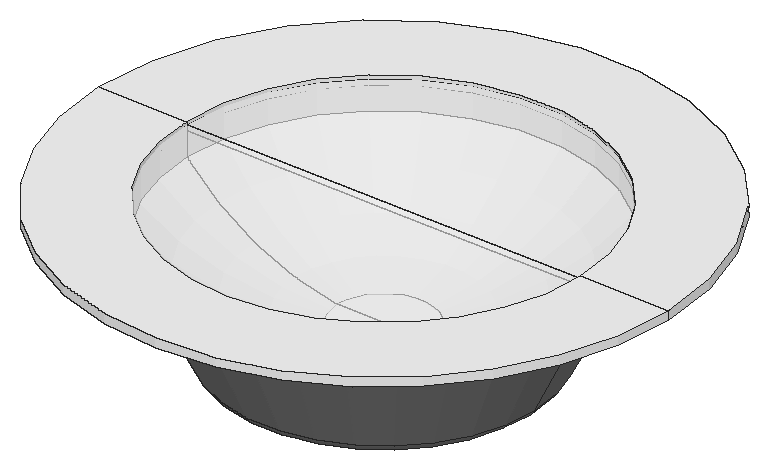
Revit family "0030442", category Lighting Fixtures, host Face, Revit 2017
Family settings
  Host = Face
  Round Connector Dimension = Use Diameter
  Part Type = Normal
  OmniClass Number = 23.80.70.00
  OmniClass Title = Lighting
  Cut with Voids When Loaded = No
  Light Source = Yes
  Shared = No
  Room Calculation Point = No
Parameters (values of type "0030442 INSAVER SLIM UGR19 175 IP44 1050 830 WB")
  WidthBezel_SYL = if(Size1_SYL, 30 mm, if(Size2_SYL, 30 mm, if(Size3PIR_SYL, 30 mm, if(Size4_SYL, 30 mm, 30 mm))))  # 30 mm
  Weight = "6.612 kg"
  Wattage Comments = ""
  Wattage = 9 W
  WarrantyStartDate [instance] = "n/a"
  WarrantyGuarantorParts = "n/a"
  WarrantyDurationUnit = "n/a"
  WarrantyDurationParts = "n/a"
  WarrantyDescription = "n/a"
  built-in parameter 1150110 = 1 (stored number, unit not read)
  Voltage = 0 V
  VisibilityPIR_SYL = no
  URL = "http://www.sylvania-lighting.com"
  TypeName = "Insaver Slim UGR19 175 IP44 1050lm 830 wide bezel"
  Type Image = <None>
  Type Comments = "n/a"
  built-in parameter 1114217 = 1 (stored number, unit not read)
  Tilt Angle = -90.00°
  built-in parameter 1150109 = 1 (stored number, unit not read)
  built-in parameter 1150134 = (empty or 0)
  built-in parameter 1150113 = 1 (stored number, unit not read)
  Size4_SYL = no
  Size3PIR_SYL = no
  Size2_SYL = yes
  Size1_SYL = no
  SerialNumber [instance] = "n/a"
  RadiusTop_SYL = 6 mm
  RadiusReflector_SYL = if(Size1_SYL, 85 mm, if(Size2_SYL, 85 mm, if(Size3PIR_SYL, 85 mm, if(Size4_SYL, 100 mm, 120 mm))))  # 85 mm
  Photometric Web File = "0030442.ies"
  Material_3_FEILO = Top-Sylvania-STARTDownlight
  PowerFactor = 0.9
  PowerConsumption = "9 W"
  NominalLength = 195 mm
  NominalHeight = 50 mm
  NominalDepth = 195 mm
  Name = "Insaver Slim UGR19 175 IP44 1050lm 830 wide bezel"
  ModelReference = Name  # "Insaver Slim UGR19 175 IP44 1050lm 830 wide bezel"
  ModelNumber = "0030442"
  Model = Name  # "Insaver Slim UGR19 175 IP44 1050lm 830 wide bezel"
  Material = "aluminium housing"
  ManufacturerName = "Feilo Sylvania"
  Manufacturer = "Feilo Sylvania"
  LuminousEfficacy = "117 lm/W"
  built-in parameter 1150105 = 982.22 (stored number, unit not read)
  Lumens = 1053 lm
  LuminaireType = ""
  built-in parameter 1150115 = 1 (stored number, unit not read)
  LightOutputRatio = "n/a"
  built-in parameter 1150137 = (empty or 0)
  built-in parameter 1150139 = (empty or 0)
  LampsType = Lamp  # "LED"
  LampNominalLuminous = "1050 lm"
  LampMacAdamStep = "5"
  LampColourTemperature = "3000 K"
  LampColourRenderingIndex = "80"
  built-in parameter 1150112 = 1 (stored number, unit not read)
  built-in parameter 1150114 = 1 (stored number, unit not read)
  Lamp = "LED"
  Keynote = "16500"
  InstallationDate [instance] = "n/a"
  InputVoltage = "n/a"
  InputNominalFrequency = "n/a"
  built-in parameter 1150132 = (empty or 0)
  built-in parameter 1150102 = (empty or 0)
  built-in parameter 1150107 = 3000 (stored number, unit not read)
  built-in parameter 1150138 = (empty or 0)
  IngressProtection = "IP44/20"
  ImpactProtectionIndex = "IK07"
  built-in parameter 1150106 = 9.8222 (stored number, unit not read)
  IfcExportType = "IfcLightFixtureType"
  IfcExportAs = "IfcLightFixtureType"
  Height_SYL = if(Size1_SYL, 50 mm, if(Size2_SYL, 50 mm, if(Size3PIR_SYL, 50 mm, if(Size4_SYL, 50 mm, 50 mm))))  # 50 mm
  HeightBezel_SYL = if(Size1_SYL, 3 mm, if(Size2_SYL, 3 mm, if(Size3PIR_SYL, 3 mm, if(Size4_SYL, 3.2 mm, 3 mm))))  # 3 mm
  ExpectedLife = 50000
  Emit from Circle Diameter = Diameter_SYL - 40 mm  # 155 mm
  Emit Shape Visible in Rendering = no
  ElectricShockClassification = "Class II"
  built-in parameter 1150104 = 10.87 (stored number, unit not read)
  DurationUnit = "hours"
  DocumentationLiterature = "http://www.sylvania-lighting.com/product/en-int/products/0030442"
  DimmingControlOptions = "n/a"
  Material_2_FEILO = Diffuser-Sylvania-STARTDownlight
  Dimming Lamp Color Temperature Shift = <None>
  Diameter_SYL = if(Size1_SYL, 165 mm, if(Size2_SYL, 195 mm, if(Size3PIR_SYL, 211 mm, if(Size4_SYL, 220 mm, 240 mm))))  # 195 mm
  DiameterTop_SYL = if(Size1_SYL, 98 mm, if(Size2_SYL, 100 mm, if(Size3PIR_SYL, 120 mm, if(Size4_SYL, 135 mm, 158 mm))))  # 100 mm
  DiameterTopBase_SYL = DiameterRecess_SYL  # 140 mm
  DiameterRecess_SYL = 140 mm  # constant formula
  Description = ""
  Default Elevation = 1219.2 mm
  CreatedOn = "11/13/2020"
  CreatedBy = "@sylvania-lighting.com"
  Cost = 0
  Color Filter = 16777215
  built-in parameter 1114216 [instance] = (empty or 0)
  ClassificationValue = "EF_70_80"
  ClassificationName = "Uniclass2015"
  Material_1_FEILO = Trim-Sylvania-STARTDownlight-White
  BarCode [instance] = "n/a"
  built-in parameter 1114218 = 1 (stored number, unit not read)
  built-in parameter 1150133 = 10 (stored number, unit not read)
  AssetType = "Fixed"
  AssetIdentifier [instance] = "n/a"
  Assembly Code = "D5020200"
  Apparent Load = 9 VA
  Material_4_FEILO = LED-Sylvania-STARTDownlight
Types (2, lengths in mm): name | TypeName | built-in parameter 1150134 | Photometric Web File | Name | ModelReference | ModelNumber | Model | LuminousEfficacy | built-in parameter 1150105 | Lumens | LampNominalLuminous | LampColourTemperature | built-in parameter 1150107 | built-in parameter 1150106 | built-in parameter 1150104 | DocumentationLiterature
  0030443 INSAVER SLIM UGR19 175 IP44 1075 840 WB | "Insaver Slim UGR19 175 IP44 1075lm 840 wide bezel" | 12 | "0030443.ies" | "Insaver Slim UGR19 175 IP44 1075lm 840 wide bezel" | "Insaver Slim UGR19 175 IP44 1075lm 840 wide bezel" | "0030443" | "Insaver Slim UGR19 175 IP44 1075lm 840 wide bezel" | "119 lm/W" | 996.54 (stored number, unit not read) | 1071 lm | "1075 lm" | "4000 K" | 4000 (stored number, unit not read) | 9.9654 (stored number, unit not read) | 11.055 (stored number, unit not read) | "http://www.sylvania-lighting.com/product/en-int/products/0030443"
  0030442 INSAVER SLIM UGR19 175 IP44 1050 830 WB | "Insaver Slim UGR19 175 IP44 1050lm 830 wide bezel" | (empty or 0) | "0030442.ies" | "Insaver Slim UGR19 175 IP44 1050lm 830 wide bezel" | "Insaver Slim UGR19 175 IP44 1050lm 830 wide bezel" | "0030442" | "Insaver Slim UGR19 175 IP44 1050lm 830 wide bezel" | "117 lm/W" | 982.22 (stored number, unit not read) | 1053 lm | "1050 lm" | "3000 K" | 3000 (stored number, unit not read) | 9.8222 (stored number, unit not read) | 10.87 (stored number, unit not read) | "http://www.sylvania-lighting.com/product/en-int/products/0030442"
Reference planes
  plane 1 "Center (Front/Back)": y = 0
  plane 2: z = 0
  plane 3 "Center (Left/Right)": x = 0
  plane 4: x = 97.5
  plane 5: x = -97.5
  plane 6: z = 3
  plane 7: z = -8
  plane 8: z = -47
  plane 9: x = -70
  plane 10: x = 70
  plane 11: x = -50
  plane 12: x = 50
  plane 13: z = -85
  plane 14: x = -67.5
  plane 15: z = 2
  plane 16: z = -35
  plane 17: x = -16
  plane 18: x = -82.5
  plane 19: x = -81.5
  plane 20: x = -99.5
  plane 21: x = -91.5
  plane 22: z = 5.5
  plane 23: z = 8.7
  plane 24: x = -90.5
  plane 25: z = 13.7
Forms (mm)
  Revolve 1, void
    sketch origin (0, 0, 0) x (1, 0, 0) y (0, 0, 1)
      loop
        line (0, 0) -> (-70, 0) -> (-70, -85) -> (0, -85) -> (0, 0)
      axis (0, 0) -> (0, -85)
    angle from 360 to 0
  Revolve 2, solid, material "Trim-Sylvania-STARTDownlight-White" <- "Material_1_FEILO"
    sketch origin (0, 0, 0) x (1, 0, 0) y (0, 0, 1)
      loop
        line (-67.5, 3) -> (-97.5, 3) -> (-97.5, 0) -> (-88, 0) -> (-88, -4.843) -> (-70, -4.843) -> (-70, -8) -> (-51.681, -43.768)
        arc (-51.681, -43.768) -> (-49.471, -46.129) -> (-46.357, -47) r 6
        line (-46.357, -47) -> (0, -47) -> (0, -35) -> (-16, -35)
        arc (-16, -35) -> (-44.131, -26.041) -> (-67.5, -8) r 85
        line (-67.5, -8) -> (-67.5, 3)
      axis (0, 3) -> (0, -47)
    angle from 360 to 0
  Revolve 3, solid, material "Diffuser-Sylvania-STARTDownlight" <- "Material_2_FEILO"
    sketch origin (0, 0, 0) x (1, 0, 0) y (0, 0, 1)
      loop
        line (-67.5, 0) -> (0, 0) -> (0, 2) -> (-67.5, 2) -> (-67.5, 0)
      axis (0, 2) -> (0, 0)
    angle from 360 to 0
Dimensions and locks
  equal spacing: plane 4, plane 3 "Center (Left/Right)", plane 5
  "Diameter_SYL": plane 4 to plane 5
  equal spacing: plane 10, plane 3 "Center (Left/Right)", plane 9
  equal spacing: plane 12, plane 3 "Center (Left/Right)", plane 11
  "DiameterTop_SYL": plane 12 to plane 11
  "HeightBezel_SYL": plane 6 to plane 2
  "Height_SYL": plane 6 to plane 8
  locked: plane 2 to plane 7 at 8
  locked: plane 2 to plane 13 at 85
  "WidthBezel_SYL": plane 14 to plane 5
  locked: plane 6 to plane 15 at 1
  "DiameterRecess_SYL": plane 10 to plane 9
  locked: plane 3 "Center (Left/Right)" to plane 17 at 16
  locked: plane 16 to plane 8 at 12
  locked: plane 18 to plane 21 at 9
  locked: plane 22 to plane 6 at 2.5
  locked: plane 23 to plane 22 at 3.2
  locked: plane 18 to plane 24 at 8
  locked: plane 25 to plane 23 at 5
  locked: plane 18 to plane 5 at 15
  "RadiusReflector_SYL": radius of Revolve 2 sketch curve
  "RadiusTop_SYL": radius of Revolve 2 sketch curve
  aligned and locked: plane 2 to host face
  aligned and locked: level to host face
  aligned and locked: Revolve 1 sketch curve to plane 3 "Center (Left/Right)"
  aligned and locked: plane 3 "Center (Left/Right)" to Revolve 1 sketch curve
  aligned and locked: Revolve 1 sketch curve to plane 9
  aligned and locked: plane 13 to Revolve 1 sketch curve
  aligned and locked: plane 3 "Center (Left/Right)" to imposter light
  aligned and locked: imposter light to plane 15
  aligned and locked: imposter light to plane 1 "Center (Front/Back)"
  aligned and locked: Revolve 2 sketch curve to plane 3 "Center (Left/Right)"
  aligned and locked: Revolve 2 sketch curve to plane 6
  aligned and locked: Revolve 2 sketch curve to plane 5
  aligned and locked: Revolve 2 sketch curve to level
  aligned and locked: plane 8 to Revolve 2 sketch curve
  aligned and locked: plane 7 to Revolve 2 sketch curve
  aligned and locked: Revolve 2 sketch curve to plane 14
  aligned and locked: plane 3 "Center (Left/Right)" to Revolve 2 sketch curve
  aligned and locked: Revolve 2 sketch curve to plane 16
  aligned and locked: Revolve 3 sketch curve to plane 3 "Center (Left/Right)"
  aligned and locked: Revolve 3 sketch curve to level
  aligned and locked: imposter light to Revolve 3 sketch curve  (x2)
Automatic sketch dimensions
  host sketch curve to host sketch curve = 2438.4 mm  (x2)
  plane 13 to Revolve 1 sketch curve = 524.6 mm
  Revolve 1 sketch curve to plane 6 = 2606.058 mm
  Revolve 1 sketch curve to level = 0 mm
  Revolve 3 sketch curve to plane 14 = 0 mm
  plane 13 to Revolve 3 sketch curve = 524.6 mm
  Revolve 3 sketch curve to plane 6 = 2606.058 mm
  plane 24 to Revolve 2 sketch curve = 2.5 mm
  Revolve 2 sketch curve to plane 9 = 0 mm
  Revolve 2 sketch curve to plane 7 = 0 mm
  Revolve 2 sketch curve to plane 17 = 0 mm
  Revolve 2 sketch curve to plane 11 = 1.681 mm
  plane 11 to Revolve 2 sketch curve = 3.643 mm
  Revolve 2 sketch curve to Revolve 2 sketch curve = 4.843 mm
  plane 13 to Revolve 2 sketch curve = 524.6 mm
  Revolve 2 sketch curve to Revolve 2 sketch curve = 2577.983 mm
Connectors
  electrical at (0, 0, 0), driven by "Apparent Load", driven by "PowerFactor", driven by "Voltage"
    settings: index 1, voltage 0 V, apparent load 9 VA, apparent load phase1 0 VA, apparent load phase2 0 VA, apparent load phase3 0 VA, power factor 0.9, load classification "Lighting", number of poles 1, system type 30, power factor state 1, is connector primary yes, connector utility no, sub classification motor no, connector description ""
